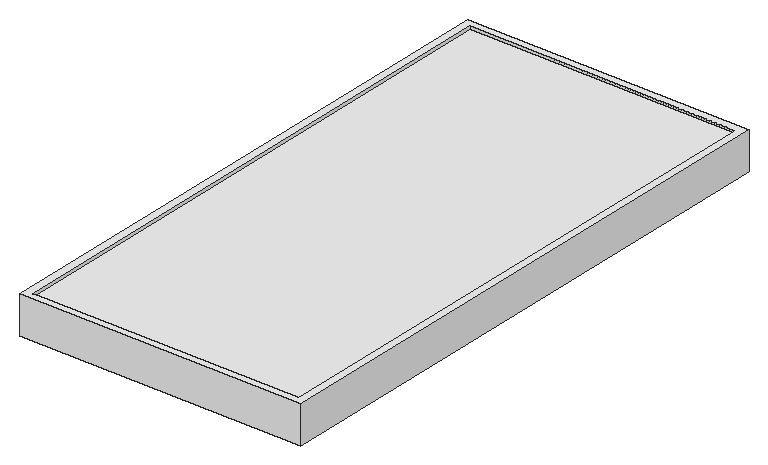
Revit family "f7c6be5d675045b9b687d535f5e4077b", category Specialty Equipment, host Face, Revit 2026
Family settings
  Host = Face
  Round Connector Dimension = Use Diameter
  Part Type = Normal
  Seek Item ID = Solar Panel-0000-CAN-ENU
  Enable Cutting in Views = No
  Cut with Voids When Loaded = No
  Maintain Annotation Orientation = No
  Shared = No
  Room Calculation Point = No
Parameters (values of type "750 x 1500mm")
  Width = 750 mm
  Length = 1500 mm
  Depth = 100 mm
  Default Elevation = 1200 mm
Reference planes
  plane 1 "Center (Front/Back)": y = 0
  plane 2: z = 0
  plane 3 "Center (Left/Right)": x = 32.32
  plane 4: x = 782.32
  plane 5: y = 1500
  plane 6 "Top Face of Panel": z = 100
  plane 7 "Back Face of Panel": z = 93.65
  plane 8: x = 763.27
  plane 9: y = 19.05
Forms (mm)
  Extrusion 1, solid, material "Metal Trim"
    sketch origin (0, 0, 0) x (1, 0, 0) y (0, 1, 0)
      loop
        line (32.32, 0) -> (782.32, 0) -> (782.32, 1500) -> (32.32, 1500) -> (32.32, 0)
    from 0 to 100
  Extrusion 2, void
    sketch origin (6.35, -6.35, 0) x (1, 0, 0) y (0, 1, 0)
      loop
        line (45.02, 1487.3) -> (45.02, 25.4) -> (756.92, 25.4) -> (756.92, 1487.3) -> (45.02, 1487.3)
    from 0 to 100
  Extrusion 3, solid, material "Metal - Aluminum (2)"
    sketch origin (0, 0, 0) x (1, 0, 0) y (0, 1, 0)
      loop
        line (51.37, 1480.95) -> (51.37, 19.05) -> (763.27, 19.05) -> (763.27, 1480.95) -> (51.37, 1480.95)
    from 0 to 93.65
Cuts and joins
  Extrusion 2 cuts Extrusion 1
Dimensions and locks
  "Width": plane 3 "Center (Left/Right)" to plane 4
  "Length": plane 5 to plane 1 "Center (Front/Back)"
  plane 5 to cut or joined group of Extrusion 1, Extrusion 2 = 19.05 mm
  plane 1 "Center (Front/Back)" to cut or joined group of Extrusion 1, Extrusion 2 = 19.05 mm
  cut or joined group of Extrusion 1, Extrusion 2 to plane 4 = 19.05 mm
  plane 3 "Center (Left/Right)" to cut or joined group of Extrusion 1, Extrusion 2 = 19.05 mm
  "Depth": plane 6 "Top Face of Panel" to host face
  locked: plane 6 "Top Face of Panel" to plane 7 "Back Face of Panel" at 6.35
  aligned and locked: plane 2 to host face
  aligned and locked: level to host face
  aligned and locked: cut or joined group of Extrusion 1, Extrusion 2 to Extrusion 3  (x2)
  aligned and locked: Extrusion 3 to cut or joined group of Extrusion 1, Extrusion 2  (x2)
  aligned and locked: plane 6 "Top Face of Panel" to cut or joined group of Extrusion 1, Extrusion 2  (x2)
  aligned and locked: plane 7 "Back Face of Panel" to Extrusion 3
Automatic sketch dimensions
  Extrusion 1 sketch curve to plane 3 "Center (Left/Right)" = 0 mm
  Extrusion 1 sketch curve to plane 4 = 0 mm
  Extrusion 1 sketch curve to plane 1 "Center (Front/Back)" = 0 mm
  Extrusion 1 sketch curve to plane 5 = 0 mm
  plane 3 "Center (Left/Right)" to Extrusion 2 sketch curve = 19.05 mm
  Extrusion 2 sketch curve to plane 1 "Center (Front/Back)" = 19.05 mm
  Extrusion 2 sketch curve to plane 5 = 19.05 mm
  plane 4 to Extrusion 2 sketch curve = 19.05 mm
  plane 4 to Extrusion 3 sketch curve = 19.05 mm
  plane 3 "Center (Left/Right)" to Extrusion 3 sketch curve = 19.05 mm
  Extrusion 3 sketch curve to plane 5 = 19.05 mm
  Extrusion 3 sketch curve to plane 1 "Center (Front/Back)" = 19.05 mm
  host sketch curve to host sketch curve = 1688.53 mm
  host sketch curve to host sketch curve = 2173.821 mm
